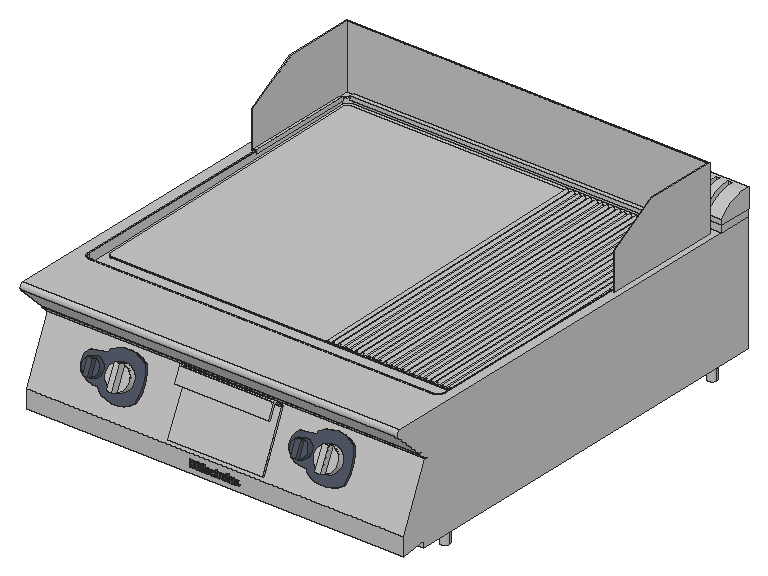
Revit family "QF_ELECTROLUXPROFESSIONAL_391587_E9IIETAOMEI", category Attrezzature speciali, Revit 2018
Family settings
  Quota connettore circolare = Usa diametro
  Tipo di parte = Normale
  Basato su piano di lavoro = No
  Sempre verticale = Sì
  Taglio con vuoti quando caricato = No
  Condiviso = No
  Punto di calcolo locali = No
Parameters (values of type "Standard")
  Weight = 105.00 kg
  Watts = 0 W
  Volts = 0 V
  URL Manufacturer = "https://www.electroluxprofessional.com/"
  URL = "https://www.electroluxprofessional.com/"
  Steam Supply Size = 0"
  Steam Supply Minimum Pressure = 0.00 psi
  Steam Supply Maximum Pressure = 0.00 psi
  Steam Consumption per Hour = 0
  Show Logo [instance] = yes
  Show Clearance [instance] = yes
  Refrigeration Suction Line Size = 0 mm
  Refrigeration Liquid Line Size = 0 mm
  Refrigerant Compressor Remote = yes
  Phase = 0
  Modello = "E9IIETAOMEI"
  Produttore = "Electrolux Professional"
  Length Actual = 800 mm  # constant formula
  Item Number = "391587"
  Hot Water Size = 0"
  Height Actual = 250 mm  # constant formula
  HP = "0 HP"
  Gas Size = 1/2"
  Gas KW = 20
  Gas Input Pressure = 0.672036 Btu/h
  Direct Waste Size = 0"
  Descrizione = "GAS FRYTOP POLISHED CHROME SMOOTH+RIBBED SLOPED 800MM - QMARK"
  Depth Actual = 930 mm  # constant formula
  Cycle = 0 Hz
  Condensate Return Size = 0"
  Compressed Air Volume = 0 GPM
  Compressed Air Size = 0"
  Compressed Air Pressure = 0.00 psi
  Cold Water Size = 0"
  Accessory = yes
Values of the unnamed type that differ from the named types
  Weight = 0.00 kg
  URL Manufacturer = ""
  Item Number = ""
  HP = ""
  Gas KW = 0
  Gas Input Pressure = 0.0 Btu/h
Reference planes
  plane 1 "BACK": y = 0
  plane 2: z = 0
  plane 3 "LEFT": x = 0
  plane 4 "RIGHT": x = 800
  plane 5 "FRONT": y = -930
  plane 6 "TOP": z = 275
  plane 7 "Center Y": x = 400
  plane 8 "Center X": y = -465
  plane 9: y = -1045
  plane 10: z = 24
  plane 11: z = 290
  plane 12: x = 748
  plane 13: z = 410
  plane 14: x = 11
  plane 15: x = 788.888
Forms (mm)
  Extrusion 1, solid, material "QF_Finishes_Stainless Steel"
    sketch origin (0, 0, 0) x (0, 1, 0) y (0, 0, 1)
      loop
        line (0, 275) -> (-922.686, 275)
        arc (-922.686, 275) -> (-929.443, 270.485) -> (-927.858, 262.514) r 7.314
        line (-927.858, 262.514) -> (-873.907, 208.563) -> (-865.773, 208.563) -> (-865.773, 206.447) -> (-871.79, 206.447) -> (-858.907, 193.563) -> (-850.773, 193.563) -> (-850.773, 191.447) -> (-856.79, 191.447) -> (-913.146, 69.003) -> (-913.146, 30.903) -> (-859.774, 36.513) -> (-859.774, 24) -> (0, 24) -> (0, 275)
    from 0 to 800
  Extrusion 2, solid, material "QF_Finishes_Stainless Steel"
    sketch origin (0, 0, 0) x (1, 0, 0) y (0, 1, 0)
      loop
        circle (11, -82) r 9.525
      loop
        circle (11, -790) r 9.525
      loop
        circle (789, -82) r 9.525
      loop
        circle (789, -790) r 9.525
    from 0 to 24
  Extrusion 3, solid, material "QF_Finishes_Stainless Steel"
    sketch origin (0, 0, 0.362) x (0, 1, 0) y (0, 0, 1)
      loop
        line (0, 289.638) -> (0, 331.738)
        arc (0, 331.738) -> (-38.857, 324.552) -> (-69.85, 300.038) r 82.056
        line (-69.85, 300.038) -> (-69.85, 289.638) -> (0, 289.638)
    from 0 to 400.05
  Extrusion 4, void
    sketch origin (0, 0, 275) x (0, -1, 0) y (1, 0, 0)
      loop
        line (6.761, 29.703) -> (63.911, 29.703) -> (63.911, 38.999) -> (6.761, 38.999) -> (6.761, 29.703)
      loop
        line (63.911, 64.487) -> (6.761, 64.487) -> (6.761, 55.191) -> (63.911, 55.191) -> (63.911, 64.487)
      loop
        line (63.911, 89.975) -> (6.761, 89.975) -> (6.761, 80.68) -> (63.911, 80.68) -> (63.911, 89.975)
      loop
        line (63.911, 115.464) -> (6.761, 115.464) -> (6.761, 106.168) -> (63.911, 106.168) -> (63.911, 115.464)
      loop
        line (63.911, 140.952) -> (6.761, 140.952) -> (6.761, 131.656) -> (63.911, 131.656) -> (63.911, 140.952)
      loop
        line (63.911, 166.44) -> (6.761, 166.44) -> (6.761, 157.145) -> (63.911, 157.145) -> (63.911, 166.44)
      loop
        line (63.911, 191.929) -> (6.761, 191.929) -> (6.761, 182.633) -> (63.911, 182.633) -> (63.911, 191.929)
      loop
        line (63.911, 217.417) -> (6.761, 217.417) -> (6.761, 208.121) -> (63.911, 208.121) -> (63.911, 217.417)
      loop
        line (63.911, 242.905) -> (6.761, 242.905) -> (6.761, 233.61) -> (63.911, 233.61) -> (63.911, 242.905)
      loop
        line (63.911, 268.394) -> (6.761, 268.394) -> (6.761, 259.098) -> (63.911, 259.098) -> (63.911, 268.394)
      loop
        line (63.911, 293.882) -> (6.761, 293.882) -> (6.761, 284.586) -> (63.911, 284.586) -> (63.911, 293.882)
      loop
        line (63.911, 319.37) -> (6.761, 319.37) -> (6.761, 310.075) -> (63.911, 310.075) -> (63.911, 319.37)
      loop
        line (63.911, 344.859) -> (6.761, 344.859) -> (6.761, 335.563) -> (63.911, 335.563) -> (63.911, 344.859)
      loop
        line (63.911, 370.347) -> (6.761, 370.347) -> (6.761, 361.051) -> (63.911, 361.051) -> (63.911, 370.347)
    from 25.4 to 63.5
  Extrusion 5, solid, material "QF_Finishes_Stainless Steel"
    sketch origin (400.05, 0, 0.362) x (0, 1, 0) y (0, 0, 1)
      loop
        line (0, 289.638) -> (0, 331.738)
        arc (0, 331.738) -> (-38.857, 324.552) -> (-69.85, 300.038) r 82.056
        line (-69.85, 300.038) -> (-69.85, 289.638) -> (0, 289.638)
    from 0 to 400.05
  Extrusion 6, void
    sketch origin (400.05, 0, 275) x (0, -1, 0) y (1, 0, 0)
      loop
        line (6.761, 29.703) -> (63.911, 29.703) -> (63.911, 38.999) -> (6.761, 38.999) -> (6.761, 29.703)
      loop
        line (63.911, 64.487) -> (6.761, 64.487) -> (6.761, 55.191) -> (63.911, 55.191) -> (63.911, 64.487)
      loop
        line (63.911, 89.975) -> (6.761, 89.975) -> (6.761, 80.68) -> (63.911, 80.68) -> (63.911, 89.975)
      loop
        line (63.911, 115.464) -> (6.761, 115.464) -> (6.761, 106.168) -> (63.911, 106.168) -> (63.911, 115.464)
      loop
        line (63.911, 140.952) -> (6.761, 140.952) -> (6.761, 131.656) -> (63.911, 131.656) -> (63.911, 140.952)
      loop
        line (63.911, 166.44) -> (6.761, 166.44) -> (6.761, 157.145) -> (63.911, 157.145) -> (63.911, 166.44)
      loop
        line (63.911, 191.929) -> (6.761, 191.929) -> (6.761, 182.633) -> (63.911, 182.633) -> (63.911, 191.929)
      loop
        line (63.911, 217.417) -> (6.761, 217.417) -> (6.761, 208.121) -> (63.911, 208.121) -> (63.911, 217.417)
      loop
        line (63.911, 242.905) -> (6.761, 242.905) -> (6.761, 233.61) -> (63.911, 233.61) -> (63.911, 242.905)
      loop
        line (63.911, 268.394) -> (6.761, 268.394) -> (6.761, 259.098) -> (63.911, 259.098) -> (63.911, 268.394)
      loop
        line (63.911, 293.882) -> (6.761, 293.882) -> (6.761, 284.586) -> (63.911, 284.586) -> (63.911, 293.882)
      loop
        line (63.911, 319.37) -> (6.761, 319.37) -> (6.761, 310.075) -> (63.911, 310.075) -> (63.911, 319.37)
      loop
        line (63.911, 344.859) -> (6.761, 344.859) -> (6.761, 335.563) -> (63.911, 335.563) -> (63.911, 344.859)
      loop
        line (63.911, 370.347) -> (6.761, 370.347) -> (6.761, 361.051) -> (63.911, 361.051) -> (63.911, 370.347)
    from 25.4 to 63.5
  Extrusion 7, solid, material "QF_Finishes_Stainless Steel"
    sketch origin (0, 0, 275) x (0, -1, 0) y (1, 0, 0)
      loop
        line (69.85, 0) -> (69.85, 800) -> (0, 800) -> (0, 0) -> (69.85, 0)
    from 0 to 15
  Extrusion 8, solid, material "QF_Finishes_Stainless Steel"
    sketch origin (400.05, -23.977, 1219.2) x (0, 1, 0) y (0, 0, 1)
      loop
        line (-834.228, -1030.828) -> (-850.635, -1014.422)
        arc (-850.635, -1014.422) -> (-855.102, -1013.019) -> (-858.806, -1015.884) r 5.058
        line (-858.806, -1015.884) -> (-871.468, -1043.394) -> (-868.584, -1044.721) -> (-855.922, -1017.211)
        arc (-855.922, -1017.211) -> (-854.543, -1016.145) -> (-852.88, -1016.667) r 1.883
        line (-852.88, -1016.667) -> (-838.037, -1031.51) -> (-888.871, -1141.955) -> (-885.987, -1143.282) -> (-834.228, -1030.828)
    from 100 to -100
  Extrusion 9, solid, material "QF_Door-Drawer Clearances", visible <- "Show Clearance", detail levels coarse
    sketch origin (293.7, -300.974, 0) x (0, 1, 0) y (0, 0, 1)
      loop
        line (-723.739, 174.479) -> (-711.077, 201.989)
        arc (-711.077, 201.989) -> (-709.698, 203.055) -> (-708.035, 202.533) r 1.883
        line (-708.035, 202.533) -> (-693.192, 187.69) -> (-744.026, 77.245) -> (-741.142, 75.918) -> (-608.989, 75.918) -> (-557.231, 188.372) -> (-573.638, 204.778)
        arc (-573.638, 204.778) -> (-574.873, 205.685) -> (-576.323, 206.181) r 5.058
        line (-576.323, 206.181) -> (-710.257, 206.181)
        arc (-710.257, 206.181) -> (-712.461, 205.203) -> (-713.961, 203.316) r 5.058
        line (-713.961, 203.316) -> (-726.623, 175.806) -> (-723.739, 174.479)
    from 6.35 to 206.35
  Extrusion 10, solid, material "QF_Finishes_Stainless Steel"
    sketch origin (0, 0, 0) x (0, 1, 0) y (0, 0, 1)
      loop
        line (-83.39, 410) -> (-235.39, 410) -> (-335.39, 352.265) -> (-335.39, 275) -> (-83.39, 275) -> (-83.39, 410)
    from 15.442 to 17.03
  Extrusion 11, solid, material "QF_Finishes_Stainless Steel"
    sketch origin (800, 0, 0) x (0, -1, 0) y (0, 0, 1)
      loop
        line (83.39, 410) -> (83.39, 275) -> (335.39, 275) -> (335.39, 352.265) -> (235.39, 410) -> (83.39, 410)
    from 15.442 to 17.03
  Extrusion 12, solid, material "QF_Finishes_Stainless Steel"
    sketch origin (635, 190.152, 275) x (0, -1, 0) y (1, 0, 0)
      loop
        line (273.542, 147.97) -> (273.542, -617.97) -> (275.13, -617.97) -> (275.13, 147.97) -> (273.542, 147.97)
    from 0 to 135
  Extrusion 13, void
    sketch origin (0, 0, 275) x (0, -1, 0) y (1, 0, 0)
      loop
        arc (92.539, 37.03) -> (96.932, 26.423) -> (107.539, 22.03) r 15
        line (107.539, 22.03) -> (777.539, 22.03)
        arc (777.539, 22.03) -> (788.145, 26.423) -> (792.539, 37.03) r 15
        line (792.539, 37.03) -> (792.539, 762.97)
        arc (792.539, 762.97) -> (788.145, 773.577) -> (777.539, 777.97) r 15
        line (777.539, 777.97) -> (107.539, 777.97)
        arc (107.539, 777.97) -> (96.932, 773.577) -> (92.539, 762.97) r 15
        line (92.539, 762.97) -> (92.539, 37.03)
    from 0 to -21.588
  Sweep 14, solid, material "QF_Finishes_Stainless Steel"
    path origin (0, 0, 0) x (1, 0, 0) y (0, 1, 0)
      loop
        line (22.03, -107.539) -> (22.03, -777.539)
        arc (22.03, -777.539) -> (26.423, -788.145) -> (37.03, -792.539) r 15
        line (37.03, -792.539) -> (762.97, -792.539)
        arc (762.97, -792.539) -> (773.577, -788.145) -> (777.97, -777.539) r 15
        line (777.97, -777.539) -> (777.97, -107.539)
        arc (777.97, -107.539) -> (773.577, -96.932) -> (762.97, -92.539) r 15
        line (762.97, -92.539) -> (37.03, -92.539)
        arc (37.03, -92.539) -> (26.423, -96.932) -> (22.03, -107.539) r 15
    profile origin (22.03, -442.539, 0) x (1, 0, 0) y (0, 0, 1)
      loop
        line (0, 255) -> (1.588, 255) -> (1.588, 272.855)
        arc (1.588, 272.855) -> (1.147, 274.189) -> (0, 275) r 2.242
        line (0, 275) -> (0, 255)
  Extrusion 15, solid, material "QF_Finishes_Stainless Steel"
    sketch origin (1234.536, -1877.601, 240.53) x (0, 0.999911, 0.013315) y (-1, 0, 0)
      loop
        line (1137.444, 1192.506) -> (1137.444, 476.566)
        spline (1137.444, 476.566) -> (1137.529, 475.26) -> (1137.784, 473.977) -> (1138.205, 472.739) -> (1138.783, 471.566) -> (1139.51, 470.478) -> (1140.372, 469.494) -> (1141.356, 468.632) -> (1142.443, 467.905) -> (1143.616, 467.327) -> (1144.855, 466.906) -> (1146.138, 466.651) -> (1147.443, 466.566)
        line (1147.443, 466.566) -> (1761.703, 466.566)
        spline (1761.703, 466.566) -> (1763.009, 466.651) -> (1764.291, 466.906) -> (1765.53, 467.327) -> (1766.703, 467.905) -> (1767.79, 468.632) -> (1768.774, 469.494) -> (1769.636, 470.478) -> (1770.363, 471.566) -> (1770.941, 472.739) -> (1771.362, 473.977) -> (1771.617, 475.26) -> (1771.702, 476.566)
        line (1771.702, 476.566) -> (1771.702, 1192.506)
        spline (1771.702, 1192.506) -> (1771.617, 1193.812) -> (1771.362, 1195.095) -> (1770.941, 1196.333) -> (1770.363, 1197.506) -> (1769.636, 1198.594) -> (1768.774, 1199.578) -> (1767.79, 1200.44) -> (1766.703, 1201.167) -> (1765.53, 1201.745) -> (1764.291, 1202.166) -> (1763.009, 1202.421) -> (1761.703, 1202.506)
        line (1761.703, 1202.506) -> (1147.443, 1202.506)
        spline (1147.443, 1202.506) -> (1146.138, 1202.421) -> (1144.855, 1202.166) -> (1143.616, 1201.745) -> (1142.443, 1201.167) -> (1141.356, 1200.44) -> (1140.372, 1199.578) -> (1139.51, 1198.594) -> (1138.783, 1197.506) -> (1138.205, 1196.333) -> (1137.784, 1195.095) -> (1137.529, 1193.812) -> (1137.444, 1192.506)
    from 1.6 to 0
  Extrusion 16, solid, material "QF_Finishes_Stainless Steel"
    sketch origin (0, 0, 0) x (1, 0, 0) y (0, 0, 1)
      loop
        line (17.03, 275.856) -> (23.926, 275.856) -> (23.926, 270.856) -> (25.514, 270.856) -> (25.514, 277.444) -> (17.03, 277.444) -> (17.03, 275.856)
      loop
        line (782.97, 275.856) -> (782.97, 277.444) -> (774.486, 277.444) -> (774.486, 270.856) -> (776.074, 270.856) -> (776.074, 275.856) -> (782.97, 275.856)
    from 105.541 to 335.39
  Extrusion 17, solid, material "QF_Finishes_Stainless Steel"
    sketch origin (0, 0, 0) x (0, 1, 0) y (0, 0, 1)
      loop
        line (-94.126, 270.856) -> (-94.126, 275.856) -> (-84.978, 275.856) -> (-84.978, 277.444) -> (-95.714, 277.444) -> (-95.714, 270.856) -> (-94.126, 270.856)
    from 32.03 to 767.97
  Extrusion 18, solid, material "QF_Finishes_Stainless Steel"
    sketch origin (0, -101.6, 24) x (-1, 0, 0) y (0, 1, 0)
      loop
        circle (-748, -562.4) r 6.35
    from 0 to 17
  Extrusion 19, solid, material "QF_Finishes_Navy Blue", visible <- "Show Logo"
    sketch origin (0, -913.146, 30.903) x (0, 0, 1) y (-1, 0, 0)
      loop
        line (25.436, -355.199) -> (13.07, -355.199)
        arc (13.07, -355.199) -> (19.253, -359.77) -> (25.436, -355.199) r 6.467
      loop
        arc (25.436, -354.57) -> (24.267, -349.427) -> (19.612, -346.949) r 6.338
        line (19.612, -346.949) -> (19.612, -348.995)
        arc (19.612, -348.995) -> (21.095, -352.65) -> (24.541, -354.57) r 5.941
        line (24.541, -354.57) -> (25.436, -354.57)
      loop
        arc (13.965, -354.57) -> (17.411, -352.65) -> (18.895, -348.995) r 5.941
        line (18.895, -348.995) -> (18.895, -346.949)
        arc (18.895, -346.949) -> (14.2, -349.423) -> (12.911, -354.57) r 6.504
        line (12.911, -354.57) -> (13.965, -354.57)
      loop
        line (26.111, -346.48) -> (12.367, -346.48) -> (12.367, -360.243) -> (26.111, -360.243) -> (26.111, -346.48)
      loop
        arc (26.195, -363.21) -> (25.847, -362.853) -> (25.48, -363.191) r 0.358
        arc (25.48, -363.191) -> (25.166, -363.941) -> (24.449, -364.326) r 1.216
        line (24.449, -364.326) -> (14.037, -364.326)
        arc (14.037, -364.326) -> (13.377, -364.048) -> (12.981, -363.452) r 1.238
        arc (12.981, -363.452) -> (12.586, -363.201) -> (12.28, -363.555) r 0.358
        line (12.28, -363.555) -> (12.28, -373.434) -> (15.031, -373.434) -> (15.031, -372.537)
        arc (15.031, -372.537) -> (14.122, -371.957) -> (13.667, -370.98) r 1.928
        line (13.667, -370.98) -> (13.667, -368.481)
        arc (13.667, -368.481) -> (13.942, -367.752) -> (14.631, -367.388) r 1.101
        line (14.631, -367.388) -> (18.717, -367.388) -> (18.717, -371.061)
        arc (18.717, -371.061) -> (18.365, -371.558) -> (17.799, -371.786) r 1.083
        arc (17.799, -371.786) -> (17.536, -372.092) -> (17.828, -372.37) r 0.292
        line (17.828, -372.37) -> (20.79, -372.37)
        arc (20.79, -372.37) -> (21.093, -372.097) -> (20.854, -371.767) r 0.305
        arc (20.854, -371.767) -> (20.364, -371.519) -> (20.059, -371.061) r 1.083
        line (20.059, -371.061) -> (20.059, -367.388) -> (24.736, -367.388) -> (24.736, -371.135)
        arc (24.736, -371.135) -> (24.522, -371.891) -> (23.915, -372.389) r 1.314
        arc (23.915, -372.389) -> (23.696, -372.793) -> (24.051, -373.085) r 0.361
        line (24.051, -373.085) -> (26.195, -373.085) -> (26.195, -363.21)
      loop
        arc (25.478, -373.866) -> (25.097, -374.785) -> (24.179, -375.165) r 1.299
        line (24.179, -375.165) -> (14.6, -375.165)
        arc (14.6, -375.165) -> (13.762, -374.787) -> (13.49, -373.909) r 1.118
        line (13.49, -373.909) -> (12.28, -373.909) -> (12.28, -379.259) -> (13.469, -379.259)
        arc (13.469, -379.259) -> (13.74, -378.342) -> (14.61, -377.946) r 1.153
        line (14.61, -377.946) -> (26.683, -377.946) -> (25.478, -373.866)
      loop
        line (17.245, -381.895) -> (17.245, -388.342) -> (18.044, -388.342)
        arc (18.044, -388.342) -> (20.625, -387.358) -> (21.893, -384.904) r 3.874
        line (21.893, -384.904) -> (21.893, -383.144)
        arc (21.893, -383.144) -> (20.707, -380.279) -> (17.842, -379.093) r 4.051
        line (17.842, -379.093) -> (15.834, -379.093)
        arc (15.834, -379.093) -> (13.016, -380.578) -> (11.964, -383.585) r 4.352
        arc (11.964, -383.585) -> (12.328, -386.048) -> (13.706, -388.122) r 5.713
        line (13.706, -388.122) -> (14.655, -388.122)
        arc (14.655, -388.122) -> (13.922, -386.553) -> (13.706, -384.835) r 5.579
        arc (13.706, -384.835) -> (14.5, -382.872) -> (16.379, -381.895) r 3.057
        line (16.379, -381.895) -> (17.245, -381.895)
      loop
        line (18.504, -381.895) -> (18.504, -385.477)
        arc (18.504, -385.477) -> (19.961, -385.524) -> (20.844, -384.365) r 1.59
        line (20.844, -384.365) -> (20.844, -383.535)
        arc (20.844, -383.535) -> (19.98, -382.28) -> (18.504, -381.895) r 2.184
      loop
        arc (21.295, -397.76) -> (21.784, -396.086) -> (21.942, -394.349) r 9.023
        line (21.942, -394.349) -> (21.942, -392.987)
        arc (21.942, -392.987) -> (20.782, -390.187) -> (17.983, -389.027) r 3.959
        line (17.983, -389.027) -> (15.382, -389.027)
        arc (15.382, -389.027) -> (13.101, -390.32) -> (11.983, -392.693) r 4.331
        line (11.983, -392.693) -> (11.983, -394.828)
        arc (11.983, -394.828) -> (12.492, -396.378) -> (13.413, -397.724) r 5.772
        arc (13.413, -397.724) -> (14.175, -397.775) -> (14.261, -397.016) r 0.553
        arc (14.261, -397.016) -> (13.874, -396.282) -> (13.74, -395.463) r 2.573
        line (13.74, -395.463) -> (13.74, -393.948)
        arc (13.74, -393.948) -> (14.746, -392.306) -> (16.56, -391.664) r 2.884
        line (16.56, -391.664) -> (17.839, -391.664)
        arc (17.839, -391.664) -> (19.66, -392.224) -> (20.587, -393.889) r 2.554
        line (20.587, -393.889) -> (20.587, -394.942)
        arc (20.587, -394.942) -> (20.255, -395.87) -> (19.598, -396.605) r 2.564
        arc (19.598, -396.605) -> (19.377, -397.322) -> (19.986, -397.76) r 0.643
        line (19.986, -397.76) -> (21.295, -397.76)
      loop
        line (20.277, -398.03) -> (20.277, -399.531) -> (14.229, -399.531)
        arc (14.229, -399.531) -> (12.641, -400.189) -> (11.983, -401.777) r 2.246
        line (11.983, -401.777) -> (11.983, -403.361)
        arc (11.983, -403.361) -> (12.297, -404.225) -> (12.798, -404.997) r 4.06
        arc (12.798, -404.997) -> (13.53, -405.13) -> (13.782, -404.429) r 0.576
        arc (13.782, -404.429) -> (13.676, -403.903) -> (13.74, -403.371) r 1.69
        arc (13.74, -403.371) -> (14.281, -402.583) -> (15.188, -402.28) r 1.506
        line (15.188, -402.28) -> (20.326, -402.28) -> (20.326, -404.677) -> (20.882, -405.233) -> (21.704, -405.233) -> (21.704, -402.374) -> (24.935, -402.374) -> (20.277, -398.03)
      loop
        line (12.201, -406.131) -> (12.201, -411.518) -> (13.311, -411.518)
        arc (13.311, -411.518) -> (13.705, -410.567) -> (14.656, -410.173) r 1.345
        line (14.656, -410.173) -> (18.272, -410.173)
        arc (18.272, -410.173) -> (19.037, -410.765) -> (19.326, -411.687) r 1.615
        line (19.326, -411.687) -> (19.326, -413.243) -> (21.882, -413.928) -> (21.882, -412.545) -> (19.939, -409.986) -> (21.82, -409.986) -> (21.535, -407.28)
        arc (21.535, -407.28) -> (21.096, -406.75) -> (20.437, -406.951) r 0.621
        arc (20.437, -406.951) -> (20.036, -407.293) -> (19.542, -407.476) r 1.501
        line (19.542, -407.476) -> (14.656, -407.476)
        arc (14.656, -407.476) -> (13.705, -407.082) -> (13.311, -406.131) r 1.345
        line (13.311, -406.131) -> (12.201, -406.131)
      loop
        line (18.303, -413.465) -> (15.61, -413.465)
        arc (15.61, -413.465) -> (13.165, -414.773) -> (12.031, -417.303) r 4.288
        arc (12.031, -417.303) -> (11.968, -418.684) -> (12.031, -420.064) r 15.022
        arc (12.031, -420.064) -> (13.165, -422.595) -> (15.61, -423.902) r 4.288
        line (15.61, -423.902) -> (18.303, -423.902)
        arc (18.303, -423.902) -> (20.748, -422.595) -> (21.882, -420.064) r 4.288
        arc (21.882, -420.064) -> (21.946, -418.684) -> (21.882, -417.303) r 15.022
        arc (21.882, -417.303) -> (20.748, -414.773) -> (18.303, -413.465) r 4.288
      loop
        line (18.507, -416.579) -> (15.406, -416.579)
        arc (15.406, -416.579) -> (13.249, -418.736) -> (15.406, -420.893) r 2.157
        line (15.406, -420.893) -> (18.507, -420.893)
        arc (18.507, -420.893) -> (20.664, -418.736) -> (18.507, -416.579) r 2.157
      loop
        arc (25.488, -423.76) -> (25.118, -424.654) -> (24.224, -425.025) r 1.264
        line (24.224, -425.025) -> (14.359, -425.025)
        arc (14.359, -425.025) -> (13.489, -424.628) -> (13.218, -423.712) r 1.153
        line (13.218, -423.712) -> (12.28, -423.712) -> (12.28, -428.82) -> (13.209, -428.82)
        arc (13.209, -428.82) -> (13.568, -428.048) -> (14.359, -427.733) r 1.153
        line (14.359, -427.733) -> (26.683, -427.733) -> (25.488, -423.76)
      loop
        arc (20.608, -428.357) -> (20.409, -429.422) -> (19.44, -429.904) r 1.215
        line (19.44, -429.904) -> (14.42, -429.904)
        arc (14.42, -429.904) -> (12.806, -430.551) -> (12.085, -432.134) r 2.338
        line (12.085, -432.134) -> (12.085, -433.649)
        arc (12.085, -433.649) -> (12.259, -434.653) -> (12.762, -435.539) r 2.979
        line (12.762, -435.539) -> (12.28, -437.336) -> (12.28, -439.024) -> (21.706, -439.024) -> (21.412, -434.821) -> (20.625, -434.821)
        arc (20.625, -434.821) -> (20.27, -435.657) -> (19.517, -436.166) r 1.605
        line (19.517, -436.166) -> (14.415, -436.166)
        arc (14.415, -436.166) -> (13.994, -435.229) -> (13.922, -434.205) r 2.94
        arc (13.922, -434.205) -> (14.482, -433.104) -> (15.636, -432.661) r 1.724
        line (15.636, -432.661) -> (21.832, -432.661) -> (20.608, -428.357)
      loop
        line (21.637, -439.878) -> (19.964, -441.924) -> (16.791, -444.23) -> (13.334, -441.118)
        arc (13.334, -441.118) -> (13.097, -440.724) -> (13.119, -440.265) r 0.789
        line (13.119, -440.265) -> (12.28, -440.265) -> (12.28, -443.81) -> (13.107, -443.81)
        arc (13.107, -443.81) -> (13.449, -443.448) -> (13.939, -443.54) r 0.52
        line (13.939, -443.54) -> (15.739, -445.011) -> (13.62, -446.386)
        arc (13.62, -446.386) -> (13.219, -446.076) -> (13.133, -445.577) r 0.7
        line (13.133, -445.577) -> (12.28, -445.577) -> (12.28, -451.504) -> (13.167, -451.504)
        arc (13.167, -451.504) -> (13.234, -450.845) -> (13.629, -450.314) r 1.247
        line (13.629, -450.314) -> (17.828, -447.033) -> (20.276, -449.086) -> (21.637, -450.828) -> (21.637, -447.104) -> (20.152, -447.527) -> (18.63, -446.25) -> (20.33, -445.06) -> (21.637, -445.836) -> (21.637, -439.878)
    from 0 to 1.644
  Extrusion 20, solid, material "QF_Finishes_Navy Blue"
    sketch origin (81.285, -908.962, 78.095) x (0, 0.418102, 0.9084) y (-1, 0, 0)
      loop
        arc (104.355, -502.587) -> (101.326, -501.258) -> (98.25, -500.039) r 91.066
        arc (98.25, -500.039) -> (96.592, -482.449) -> (93.213, -465.107) r 179.528
        arc (93.213, -465.107) -> (69.244, -452.795) -> (45.274, -465.107) r 29.489
        arc (45.274, -465.107) -> (38.909, -481.441) -> (37.449, -498.912) r 61.044
        arc (37.449, -498.912) -> (34.471, -499.962) -> (31.532, -501.116) r 91.066
        arc (31.532, -501.116) -> (19.517, -540.223) -> (32.929, -578.873) r 65.817
        arc (32.929, -578.873) -> (68.105, -585.173) -> (102.996, -577.452) r 91.066
        arc (102.996, -577.452) -> (115.418, -540.233) -> (104.355, -502.587) r 65.546
    from 0 to 3.175
  Extrusion 21, solid, material "QF_Finishes_Stainless Steel"
    sketch origin (460.035, -912.675, 77.62) x (0, 0.418102, 0.9084) y (-1, 0, 0)
      loop
        circle (68.826, -160.963) r 25.4
    from 0 to 12.7
  Extrusion 22, solid, material "QF_Finishes_Stainless Steel"
    sketch origin (460.035, -924.212, 82.93) x (0, 0.418102, 0.9084) y (-1, 0, 0)
      loop
        arc (93.558, -166.749) -> (94.226, -160.963) -> (93.558, -155.177) r 25.4
        line (93.558, -155.177) -> (44.094, -155.177)
        arc (44.094, -155.177) -> (43.426, -160.963) -> (44.094, -166.749) r 25.4
        line (44.094, -166.749) -> (93.558, -166.749)
    from 0 to 12.7
  Extrusion 23, solid, material "QF_Finishes_Navy Blue"
    sketch origin (402.535, -912.675, 77.62) x (0, 0.418102, 0.9084) y (-1, 0, 0)
      loop
        circle (68.826, -160.963) r 18.37
    from 0 to 12.7
  Extrusion 24, solid, material "QF_Finishes_Navy Blue"
    sketch origin (401.244, -924.212, 82.93) x (0, 0.418102, 0.9084) y (-1, 0, 0)
      loop
        arc (84.808, -167.687) -> (85.476, -161.901) -> (84.808, -156.114) r 25.4
        line (84.808, -156.114) -> (52.844, -156.114)
        arc (52.844, -156.114) -> (52.176, -161.901) -> (52.844, -167.687) r 25.4
        line (52.844, -167.687) -> (84.808, -167.687)
    from 0 to 8.112
  Extrusion 25, solid, material "QF_Finishes_Navy Blue"
    sketch origin (-360.711, -908.962, 78.095) x (0, 0.418102, 0.9084) y (-1, 0, 0)
      loop
        arc (104.355, -502.587) -> (101.326, -501.258) -> (98.25, -500.039) r 91.066
        arc (98.25, -500.039) -> (96.592, -482.449) -> (93.213, -465.107) r 179.528
        arc (93.213, -465.107) -> (69.244, -452.795) -> (45.274, -465.107) r 29.489
        arc (45.274, -465.107) -> (38.909, -481.441) -> (37.449, -498.912) r 61.044
        arc (37.449, -498.912) -> (34.471, -499.962) -> (31.532, -501.116) r 91.066
        arc (31.532, -501.116) -> (19.517, -540.223) -> (32.929, -578.873) r 65.817
        arc (32.929, -578.873) -> (68.105, -585.173) -> (102.996, -577.452) r 91.066
        arc (102.996, -577.452) -> (115.418, -540.233) -> (104.355, -502.587) r 65.546
    from 0 to 3.175
  Extrusion 26, solid, material "QF_Finishes_Stainless Steel"
    sketch origin (18.039, -912.675, 77.62) x (0, 0.418102, 0.9084) y (-1, 0, 0)
      loop
        circle (68.826, -160.963) r 25.4
    from 0 to 12.7
  Extrusion 27, solid, material "QF_Finishes_Stainless Steel"
    sketch origin (18.039, -924.212, 82.93) x (0, 0.418102, 0.9084) y (-1, 0, 0)
      loop
        arc (93.558, -166.749) -> (94.226, -160.963) -> (93.558, -155.177) r 25.4
        line (93.558, -155.177) -> (44.094, -155.177)
        arc (44.094, -155.177) -> (43.426, -160.963) -> (44.094, -166.749) r 25.4
        line (44.094, -166.749) -> (93.558, -166.749)
    from 0 to 12.7
  Extrusion 28, solid, material "QF_Finishes_Navy Blue"
    sketch origin (-39.461, -912.675, 77.62) x (0, 0.418102, 0.9084) y (-1, 0, 0)
      loop
        circle (68.826, -160.963) r 18.37
    from 0 to 12.7
  Extrusion 29, solid, material "QF_Finishes_Navy Blue"
    sketch origin (-40.752, -924.212, 82.93) x (0, 0.418102, 0.9084) y (-1, 0, 0)
      loop
        arc (84.808, -167.687) -> (85.476, -161.901) -> (84.808, -156.114) r 25.4
        line (84.808, -156.114) -> (52.844, -156.114)
        arc (52.844, -156.114) -> (52.176, -161.901) -> (52.844, -167.687) r 25.4
        line (52.844, -167.687) -> (84.808, -167.687)
    from 0 to 8.112
  Extrusion 30, solid, material "QF_Clearances", visible <- "Show Clearance", detail levels coarse
    sketch origin (0, 0, 0) x (1, 0, 0) y (0, 1, 0)
      loop
        line (0, 0) -> (800, 0) -> (800, -930) -> (900, -930) -> (900, 100) -> (-100, 100) -> (-100, -930) -> (0, -930) -> (0, 0)
    from 0 to 410
  Extrusion 31, solid, material "QF_Finishes_Stainless Steel"
    sketch origin (0, 0, 0) x (0, 1, 0) y (0, 0, 1)
      loop
        line (-792.539, 254.979) -> (-792.539, 253.413) -> (-92.539, 253.413) -> (-92.539, 264.3) -> (-792.539, 254.979)
    from 22.03 to 777.97
  Sweep 32, solid, material "QF_Finishes_Stainless Steel"
    path origin (0, 0, 0) x (0, 1, 0) y (0, 0, 1)
      loop
        line (-106.077, 265.72) -> (-738.692, 257.296)
    profile origin (0, -422.385, 261.508) x (0, 0.013315, -0.999911) y (1, 0, 0)
      loop
        line (0, 759.22) -> (-3.736, 755.344) -> (0, 751.467) -> (0, 759.22)
      loop
        line (0, 747.086) -> (-3.736, 743.209) -> (0, 739.332) -> (0, 747.086)
      loop
        line (0, 734.951) -> (-3.736, 731.075) -> (0, 727.198) -> (0, 734.951)
      loop
        line (0, 722.817) -> (-3.736, 718.94) -> (0, 715.063) -> (0, 722.817)
      loop
        line (0, 710.682) -> (-3.736, 706.806) -> (0, 702.929) -> (0, 710.682)
      loop
        line (0, 698.548) -> (-3.736, 694.671) -> (0, 690.794) -> (0, 698.548)
      loop
        line (0, 686.413) -> (-3.736, 682.537) -> (0, 678.66) -> (0, 686.413)
      loop
        line (0, 674.279) -> (-3.736, 670.402) -> (0, 666.525) -> (0, 674.279)
      loop
        line (0, 662.144) -> (-3.736, 658.268) -> (0, 654.391) -> (0, 662.144)
      loop
        line (0, 650.01) -> (-3.736, 646.133) -> (0, 642.256) -> (0, 650.01)
      loop
        line (0, 637.875) -> (-3.736, 633.999) -> (0, 630.122) -> (0, 637.875)
      loop
        line (0, 625.741) -> (-3.736, 621.864) -> (0, 617.987) -> (0, 625.741)
      loop
        line (0, 613.606) -> (-3.736, 609.73) -> (0, 605.853) -> (0, 613.606)
      loop
        line (0, 601.472) -> (-3.736, 597.595) -> (0, 593.718) -> (0, 601.472)
      loop
        line (0, 589.337) -> (-3.736, 585.46) -> (0, 581.584) -> (0, 589.337)
      loop
        line (0, 577.203) -> (-3.736, 573.326) -> (0, 569.449) -> (0, 577.203)
      loop
        line (0, 565.068) -> (-3.736, 561.191) -> (0, 557.315) -> (0, 565.068)
      loop
        line (0, 552.934) -> (-3.736, 549.057) -> (0, 545.18) -> (0, 552.934)
      loop
        line (0, 540.799) -> (-3.736, 536.922) -> (0, 533.046) -> (0, 540.799)
      loop
        line (0, 528.665) -> (-3.736, 524.788) -> (0, 520.911) -> (0, 528.665)
      loop
        line (0, 516.53) -> (-3.736, 512.653) -> (0, 508.777) -> (0, 516.53)
      loop
        line (0, 504.396) -> (-3.736, 500.519) -> (0, 496.642) -> (0, 504.396)
  Extrusion 33, void
    sketch origin (0, 0, 0) x (1, 0, 0) y (0, 1, 0)
      loop
        arc (388.196, -763.736) -> (380.696, -771.236) -> (388.196, -778.736) r 7.5
        line (388.196, -778.736) -> (411.804, -778.736)
        arc (411.804, -778.736) -> (419.304, -771.236) -> (411.804, -763.736) r 7.5
        line (411.804, -763.736) -> (388.196, -763.736)
    from 235.859 to 255.827
Cuts and joins
  Extrusion 6 cuts Extrusion 5
  Extrusion 4 cuts Extrusion 3
  joined: Extrusion 10, Extrusion 11, Extrusion 12
  Extrusion 13, Extrusion 33 cuts Extrusion 1
  Extrusion 33 cuts Extrusion 31
Lines and regions (mm)
  symbolic lines, style "QF_Clearances", visible <- "Show Clearance", detail levels coarse
    curve 1: line (900, -930, 0) -> (900, 100, 0)
    curve 2: line (900, 100, 0) -> (-100, 100, 0)
    curve 3: line (-100, 100, 0) -> (-100, -930, 0)
  symbolic lines, style "QF_Door-Drawer Clearances"
    curve 4: line (300.05, -930, 0) -> (300.05, -1045, 0)
    curve 5: line (300.05, -1045, 0) -> (500.05, -1045, 0)
    curve 6: line (500.05, -930, 0) -> (500.05, -1045, 0)
  symbolic lines
    curve 7: line (0, -930, 0) -> (800, -930, 0)
    curve 8: line (800, -930, 0) -> (800, 0, 0)
    curve 9: line (800, 0, 0) -> (0, 0, 0)
    curve 10: line (0, 0, 0) -> (0, -930, 0)
    curve 11: line (762.97, -792.539, 0) -> (37.03, -792.539, 0)
    curve 12: arc (37.03, -792.539, 0) -> (26.423, -788.145, 0) -> (22.03, -777.539, 0) r 15
    curve 13: line (22.03, -777.539, 0) -> (22.03, -335.39, 0)
    curve 14: arc (22.163, -105.541, 0) -> (25.387, -98.081, 0) -> (32.03, -93.397, 0) r 15
    curve 15: arc (767.97, -93.397, 0) -> (774.613, -98.081, 0) -> (777.837, -105.541, 0) r 15
    curve 16: line (777.97, -335.39, 0) -> (777.97, -777.539, 0)
    curve 17: arc (777.97, -777.539, 0) -> (773.577, -788.145, 0) -> (762.97, -792.539, 0) r 15
    curve 18: line (757.97, -738.692, 0) -> (42.03, -738.692, 0)
    curve 19: arc (42.03, -738.692, 0) -> (34.958, -735.763, 0) -> (32.03, -728.692, 0) r 10
    curve 20: line (32.03, -728.692, 0) -> (32.03, -116.077, 0)
    curve 21: arc (32.03, -116.077, 0) -> (34.958, -109.006, 0) -> (42.03, -106.077, 0) r 10
    curve 22: line (42.03, -106.077, 0) -> (757.97, -106.077, 0)
    curve 23: arc (757.97, -106.077, 0) -> (765.042, -109.006, 0) -> (767.97, -116.077, 0) r 10
    curve 24: line (767.97, -116.077, 0) -> (767.97, -728.692, 0)
    curve 25: arc (767.97, -728.692, 0) -> (765.042, -735.763, 0) -> (757.97, -738.692, 0) r 10
    curve 26: line (15.442, -83.39, 0) -> (15.442, -335.39, 0)
    curve 27: line (784.558, -83.39, 0) -> (15.442, -83.39, 0)
    curve 28: line (784.558, -335.39, 0) -> (784.558, -83.39, 0)
    curve 29: line (767.97, -95.714, 0) -> (767.97, -83.39, 0)
    curve 30: line (32.03, -95.714, 0) -> (767.97, -95.714, 0)
    curve 31: line (32.03, -83.39, 0) -> (32.03, -95.714, 0)
    curve 32: line (784.558, -105.541, 0) -> (774.486, -105.541, 0)
    curve 33: line (25.514, -335.39, 0) -> (25.514, -105.541, 0)
    curve 34: line (15.442, -335.39, 0) -> (25.514, -335.39, 0)
    curve 35: line (774.486, -105.541, 0) -> (774.486, -335.39, 0)
    curve 36: line (774.486, -335.39, 0) -> (784.558, -335.39, 0)
    curve 37: line (25.514, -105.541, 0) -> (15.442, -105.541, 0)
    curve 38: line (38.999, -6.761, 0) -> (38.999, -63.911, 0)
    curve 39: line (38.999, -63.911, 0) -> (29.703, -63.911, 0)
    curve 40: line (29.703, -63.911, 0) -> (29.703, -6.761, 0)
    curve 41: line (29.703, -6.761, 0) -> (38.999, -6.761, 0)
    curve 42: line (55.191, -63.911, 0) -> (55.191, -6.761, 0)
    curve 43: line (55.191, -6.761, 0) -> (64.487, -6.761, 0)
    curve 44: line (64.487, -6.761, 0) -> (64.487, -63.911, 0)
    curve 45: line (64.487, -63.911, 0) -> (55.191, -63.911, 0)
    curve 46: line (89.975, -6.761, 0) -> (89.975, -63.911, 0)
    curve 47: line (89.975, -63.911, 0) -> (80.68, -63.911, 0)
    curve 48: line (80.68, -63.911, 0) -> (80.68, -6.761, 0)
    curve 49: line (80.68, -6.761, 0) -> (89.975, -6.761, 0)
    curve 50: line (115.464, -6.761, 0) -> (115.464, -63.911, 0)
    curve 51: line (115.464, -63.911, 0) -> (106.168, -63.911, 0)
    curve 52: line (106.168, -63.911, 0) -> (106.168, -6.761, 0)
    curve 53: line (106.168, -6.761, 0) -> (115.464, -6.761, 0)
    curve 54: line (140.952, -6.761, 0) -> (140.952, -63.911, 0)
    curve 55: line (140.952, -63.911, 0) -> (131.656, -63.911, 0)
    curve 56: line (131.656, -63.911, 0) -> (131.656, -6.761, 0)
    curve 57: line (131.656, -6.761, 0) -> (140.952, -6.761, 0)
    curve 58: line (166.44, -6.761, 0) -> (166.44, -63.911, 0)
    curve 59: line (166.44, -63.911, 0) -> (157.145, -63.911, 0)
    curve 60: line (157.145, -63.911, 0) -> (157.145, -6.761, 0)
    curve 61: line (157.145, -6.761, 0) -> (166.44, -6.761, 0)
    curve 62: line (191.929, -6.761, 0) -> (191.929, -63.911, 0)
    curve 63: line (191.929, -63.911, 0) -> (182.633, -63.911, 0)
    curve 64: line (182.633, -63.911, 0) -> (182.633, -6.761, 0)
    curve 65: line (182.633, -6.761, 0) -> (191.929, -6.761, 0)
    curve 66: line (233.61, -63.911, 0) -> (233.61, -6.761, 0)
    curve 67: line (233.61, -6.761, 0) -> (242.905, -6.761, 0)
    curve 68: line (242.905, -6.761, 0) -> (242.905, -63.911, 0)
    curve 69: line (242.905, -63.911, 0) -> (233.61, -63.911, 0)
    curve 70: line (268.394, -6.761, 0) -> (268.394, -63.911, 0)
    curve 71: line (268.394, -63.911, 0) -> (259.098, -63.911, 0)
    curve 72: line (259.098, -63.911, 0) -> (259.098, -6.761, 0)
    curve 73: line (259.098, -6.761, 0) -> (268.394, -6.761, 0)
    curve 74: line (293.882, -6.761, 0) -> (293.882, -63.911, 0)
    curve 75: line (293.882, -63.911, 0) -> (284.586, -63.911, 0)
    curve 76: line (284.586, -63.911, 0) -> (284.586, -6.761, 0)
    curve 77: line (284.586, -6.761, 0) -> (293.882, -6.761, 0)
    curve 78: line (319.37, -6.761, 0) -> (319.37, -63.911, 0)
    curve 79: line (319.37, -63.911, 0) -> (310.075, -63.911, 0)
    curve 80: line (310.075, -63.911, 0) -> (310.075, -6.761, 0)
    curve 81: line (310.075, -6.761, 0) -> (319.37, -6.761, 0)
    curve 82: line (344.859, -6.761, 0) -> (344.859, -63.911, 0)
    curve 83: line (344.859, -63.911, 0) -> (335.563, -63.911, 0)
    curve 84: line (335.563, -63.911, 0) -> (335.563, -6.761, 0)
    curve 85: line (335.563, -6.761, 0) -> (344.859, -6.761, 0)
    curve 86: line (370.347, -6.761, 0) -> (370.347, -63.911, 0)
    curve 87: line (370.347, -63.911, 0) -> (361.051, -63.911, 0)
    curve 88: line (361.051, -63.911, 0) -> (361.051, -6.761, 0)
    curve 89: line (361.051, -6.761, 0) -> (370.347, -6.761, 0)
    curve 90: line (208.121, -63.911, 0) -> (208.121, -6.761, 0)
    curve 91: line (208.121, -6.761, 0) -> (217.417, -6.761, 0)
    curve 92: line (217.417, -6.761, 0) -> (217.417, -63.911, 0)
    curve 93: line (217.417, -63.911, 0) -> (208.121, -63.911, 0)
    curve 94: line (233.61, -63.911, 0) -> (233.61, -6.761, 0)
    curve 95: line (761.001, -6.761, 0) -> (761.001, -63.911, 0)
    curve 96: line (761.001, -63.911, 0) -> (770.297, -63.911, 0)
    curve 97: line (770.297, -63.911, 0) -> (770.297, -6.761, 0)
    curve 98: line (770.297, -6.761, 0) -> (761.001, -6.761, 0)
    curve 99: line (744.809, -63.911, 0) -> (744.809, -6.761, 0)
    curve 100: line (744.809, -6.761, 0) -> (735.513, -6.761, 0)
    curve 101: line (735.513, -6.761, 0) -> (735.513, -63.911, 0)
    curve 102: line (735.513, -63.911, 0) -> (744.809, -63.911, 0)
    curve 103: line (710.025, -6.761, 0) -> (710.025, -63.911, 0)
    curve 104: line (710.025, -63.911, 0) -> (719.32, -63.911, 0)
    curve 105: line (719.32, -63.911, 0) -> (719.32, -6.761, 0)
    curve 106: line (719.32, -6.761, 0) -> (710.025, -6.761, 0)
    curve 107: line (684.536, -6.761, 0) -> (684.536, -63.911, 0)
    curve 108: line (684.536, -63.911, 0) -> (693.832, -63.911, 0)
    curve 109: line (693.832, -63.911, 0) -> (693.832, -6.761, 0)
    curve 110: line (693.832, -6.761, 0) -> (684.536, -6.761, 0)
    curve 111: line (659.048, -6.761, 0) -> (659.048, -63.911, 0)
    curve 112: line (659.048, -63.911, 0) -> (668.344, -63.911, 0)
    curve 113: line (668.344, -63.911, 0) -> (668.344, -6.761, 0)
    curve 114: line (668.344, -6.761, 0) -> (659.048, -6.761, 0)
    curve 115: line (633.56, -6.761, 0) -> (633.56, -63.911, 0)
    curve 116: line (633.56, -63.911, 0) -> (642.855, -63.911, 0)
    curve 117: line (642.855, -63.911, 0) -> (642.855, -6.761, 0)
    curve 118: line (642.855, -6.761, 0) -> (633.56, -6.761, 0)
    curve 119: line (608.071, -6.761, 0) -> (608.071, -63.911, 0)
    curve 120: line (608.071, -63.911, 0) -> (617.367, -63.911, 0)
    curve 121: line (617.367, -63.911, 0) -> (617.367, -6.761, 0)
    curve 122: line (617.367, -6.761, 0) -> (608.071, -6.761, 0)
    curve 123: line (566.39, -63.911, 0) -> (566.39, -6.761, 0)
    curve 124: line (566.39, -6.761, 0) -> (557.095, -6.761, 0)
    curve 125: line (557.095, -6.761, 0) -> (557.095, -63.911, 0)
    curve 126: line (557.095, -63.911, 0) -> (566.39, -63.911, 0)
    curve 127: line (531.606, -6.761, 0) -> (531.606, -63.911, 0)
    curve 128: line (531.606, -63.911, 0) -> (540.902, -63.911, 0)
    curve 129: line (540.902, -63.911, 0) -> (540.902, -6.761, 0)
    curve 130: line (540.902, -6.761, 0) -> (531.606, -6.761, 0)
    curve 131: line (506.118, -6.761, 0) -> (506.118, -63.911, 0)
    curve 132: line (506.118, -63.911, 0) -> (515.414, -63.911, 0)
    curve 133: line (515.414, -63.911, 0) -> (515.414, -6.761, 0)
    curve 134: line (515.414, -6.761, 0) -> (506.118, -6.761, 0)
    curve 135: line (480.63, -6.761, 0) -> (480.63, -63.911, 0)
    curve 136: line (480.63, -63.911, 0) -> (489.925, -63.911, 0)
    curve 137: line (489.925, -63.911, 0) -> (489.925, -6.761, 0)
    curve 138: line (489.925, -6.761, 0) -> (480.63, -6.761, 0)
    curve 139: line (455.141, -6.761, 0) -> (455.141, -63.911, 0)
    curve 140: line (455.141, -63.911, 0) -> (464.437, -63.911, 0)
    curve 141: line (464.437, -63.911, 0) -> (464.437, -6.761, 0)
    curve 142: line (464.437, -6.761, 0) -> (455.141, -6.761, 0)
    curve 143: line (429.653, -6.761, 0) -> (429.653, -63.911, 0)
    curve 144: line (429.653, -63.911, 0) -> (438.949, -63.911, 0)
    curve 145: line (438.949, -63.911, 0) -> (438.949, -6.761, 0)
    curve 146: line (438.949, -6.761, 0) -> (429.653, -6.761, 0)
    curve 147: line (591.879, -63.911, 0) -> (591.879, -6.761, 0)
    curve 148: line (591.879, -6.761, 0) -> (582.583, -6.761, 0)
    curve 149: line (582.583, -6.761, 0) -> (582.583, -63.911, 0)
    curve 150: line (582.583, -63.911, 0) -> (591.879, -63.911, 0)
    curve 151: line (755.344, -106.077, 0) -> (755.344, -738.692, 0)
    curve 152: line (743.209, -106.127, 0) -> (743.209, -738.742, 0)
    curve 153: line (731.075, -106.127, 0) -> (731.075, -738.742, 0)
    curve 154: line (718.94, -106.127, 0) -> (718.94, -738.742, 0)
    curve 155: line (706.806, -106.127, 0) -> (706.806, -738.742, 0)
    curve 156: line (694.671, -106.127, 0) -> (694.671, -738.742, 0)
    curve 157: line (682.537, -106.127, 0) -> (682.537, -738.742, 0)
    curve 158: line (670.402, -106.127, 0) -> (670.402, -738.742, 0)
    curve 159: line (658.268, -106.127, 0) -> (658.268, -738.742, 0)
    curve 160: line (646.133, -106.127, 0) -> (646.133, -738.742, 0)
    curve 161: line (633.999, -106.127, 0) -> (633.999, -738.742, 0)
    curve 162: line (621.864, -106.127, 0) -> (621.864, -738.742, 0)
    curve 163: line (609.73, -106.127, 0) -> (609.73, -738.742, 0)
    curve 164: line (597.595, -106.127, 0) -> (597.595, -738.742, 0)
    curve 165: line (585.46, -106.127, 0) -> (585.46, -738.742, 0)
    curve 166: line (573.326, -106.127, 0) -> (573.326, -738.742, 0)
    curve 167: line (561.191, -106.127, 0) -> (561.191, -738.742, 0)
    curve 168: line (549.057, -106.127, 0) -> (549.057, -738.742, 0)
    curve 169: line (536.922, -106.127, 0) -> (536.922, -738.742, 0)
    curve 170: line (524.788, -106.127, 0) -> (524.788, -738.742, 0)
    curve 171: line (512.653, -106.127, 0) -> (512.653, -738.742, 0)
    curve 172: line (500.519, -106.127, 0) -> (500.519, -738.742, 0)
    curve 173: line (388.16, -763.736, 0) -> (411.84, -763.736, 0)
    curve 174: spline (411.84, -763.736, 0) -> (413.774, -763.999, 0) -> (415.575, -764.753, 0) -> (417.12, -765.945, 0) -> (418.305, -767.496, 0) -> (419.05, -769.301, 0) -> (419.304, -771.236, 0) -> (419.05, -773.171, 0) -> (418.305, -774.975, 0) -> (417.12, -776.526, 0) -> (415.575, -777.719, 0) -> (413.774, -778.472, 0) -> (411.84, -778.736, 0)
    curve 175: line (411.84, -778.736, 0) -> (388.16, -778.736, 0)
    curve 176: spline (388.16, -778.736, 0) -> (386.226, -778.472, 0) -> (384.425, -777.719, 0) -> (382.88, -776.526, 0) -> (381.695, -774.975, 0) -> (380.95, -773.171, 0) -> (380.696, -771.236, 0) -> (380.95, -769.301, 0) -> (381.695, -767.496, 0) -> (382.88, -765.945, 0) -> (384.425, -764.753, 0) -> (386.226, -763.999, 0) -> (388.16, -763.736, 0)
    curve 177: line (400, 0, 0) -> (400, -69.85, 0)
    curve 178: line (0, -69.85, 0) -> (800, -69.85, 0)
Dimensions and locks
  equal spacing: plane 3 "LEFT", plane 7 "Center Y", plane 4 "RIGHT"
  plane 3 "LEFT" to plane 4 "RIGHT" = 800 mm
  equal spacing: plane 5 "FRONT", plane 8 "Center X", plane 1 "BACK"
  plane 5 "FRONT" to plane 1 "BACK" = 930 mm
  plane 6 "TOP" to level = 275 mm
  plane 1 "BACK" to plane 9 = 1045 mm  (x2)
  plane 10 to level = 24 mm  (x2)
  plane 11 to plane 10 = 266 mm
  plane 6 "TOP" to plane 10 = 251 mm
  plane 12 to plane 4 "RIGHT" = 52 mm  (x2)
  plane 13 to level = 410 mm  (x2)
  plane 13 to plane 10 = 386 mm
  plane 14 to plane 3 "LEFT" = 11 mm
  plane 15 to plane 14 = 777.888 mm
  plane 15 to plane 4 "RIGHT" = 11.112 mm
  plane 1 "BACK" to plane 5 "FRONT" = 930 mm
  Extrusion 18 to plane 10 = 17 mm
  plane 1 "BACK" to Extrusion 18 = 664 mm
  plane 1 "BACK" to Extrusion 2 to Extrusion 2 to plane 5 "FRONT" = 82 mm, 708 mm, 140 mm
  curve 3 to plane 3 "LEFT" = 100 mm
  plane 4 "RIGHT" to curve 1 = 100 mm
  curve 2 to plane 1 "BACK" = 100 mm
  aligned and locked: level to plane 2
  aligned and locked: Extrusion 1 to plane 4 "RIGHT"
Automatic sketch dimensions
  Extrusion 1 sketch curve to plane 6 "TOP" = 0 mm
  Extrusion 1 sketch curve to plane 1 "BACK" = 0 mm
  Extrusion 1 sketch curve to plane 5 "FRONT" = 79.227 mm
  Extrusion 1 sketch curve to Extrusion 1 sketch curve = 6.017 mm  (x2)
  Extrusion 1 sketch curve to Extrusion 1 sketch curve = 2.117 mm  (x4)
  plane 10 to Extrusion 1 sketch curve = 12.513 mm
  Extrusion 1 sketch curve to plane 5 "FRONT" = 70.226 mm
  Extrusion 1 sketch curve to Extrusion 1 sketch curve = 6.866 mm
  Extrusion 1 sketch curve to plane 5 "FRONT" = 16.854 mm
  Extrusion 1 sketch curve to plane 5 "FRONT" = 7.314 mm
  Extrusion 1 sketch curve to plane 5 "FRONT" = 2.142 mm
  plane 10 to Extrusion 1 sketch curve = 6.903 mm
  Extrusion 1 sketch curve to plane 10 = 0 mm
  Extrusion 1 sketch curve to Extrusion 1 sketch curve = 38.1 mm
  Extrusion 1 sketch curve to plane 6 "TOP" = 83.553 mm
  Extrusion 1 sketch curve to Extrusion 1 sketch curve = 12.883 mm
  Extrusion 1 sketch curve to plane 6 "TOP" = 12.486 mm
  Extrusion 3 sketch curve to plane 11 = 0 mm
  Extrusion 3 sketch curve to plane 1 "BACK" = 0 mm
  plane 1 "BACK" to Extrusion 3 sketch curve = 4.947 mm
  plane 11 to Extrusion 3 sketch curve = 10.4 mm
  plane 1 "BACK" to Extrusion 3 sketch curve = 69.85 mm
  Extrusion 3 sketch curve to plane 6 "TOP" = 24.807 mm
  plane 1 "BACK" to Extrusion 4 sketch curve = 6.761 mm  (x14)
  Extrusion 4 sketch curve to Extrusion 4 sketch curve = 57.15 mm
  Extrusion 4 sketch curve to Extrusion 4 sketch curve = 0 mm  (x13)
  plane 3 "LEFT" to Extrusion 4 sketch curve = 29.703 mm
  Extrusion 4 sketch curve to Extrusion 4 sketch curve = 9.296 mm  (x14)
  Extrusion 4 sketch curve to Extrusion 4 sketch curve = 16.193 mm  (x13)
  Extrusion 5 sketch curve to plane 11 = 0 mm
  Extrusion 5 sketch curve to plane 1 "BACK" = 0 mm
  plane 1 "BACK" to Extrusion 5 sketch curve = 4.947 mm
  plane 11 to Extrusion 5 sketch curve = 10.4 mm
  plane 1 "BACK" to Extrusion 5 sketch curve = 69.85 mm
  Extrusion 5 sketch curve to plane 6 "TOP" = 24.807 mm
  plane 1 "BACK" to Extrusion 6 sketch curve = 6.761 mm  (x14)
  Extrusion 6 sketch curve to Extrusion 6 sketch curve = 57.15 mm
  Extrusion 6 sketch curve to Extrusion 6 sketch curve = 0 mm  (x13)
  plane 12 to Extrusion 6 sketch curve = 3.091 mm
  Extrusion 6 sketch curve to Extrusion 6 sketch curve = 9.296 mm  (x14)
  Extrusion 6 sketch curve to Extrusion 6 sketch curve = 16.193 mm  (x12)
  Extrusion 6 sketch curve to plane 12 = 13.101 mm
  Extrusion 8 sketch curve to Extrusion 8 sketch curve = 0 mm  (x2)
  Extrusion 8 sketch curve to plane 5 "FRONT" = 17.152 mm
  Extrusion 8 sketch curve to Extrusion 8 sketch curve = 2.884 mm  (x3)
  Extrusion 8 sketch curve to plane 5 "FRONT" = 34.555 mm
  Extrusion 8 sketch curve to Extrusion 8 sketch curve = 12.662 mm
  Extrusion 8 sketch curve to Extrusion 8 sketch curve = 1.711 mm
  Extrusion 8 sketch curve to Extrusion 8 sketch curve = 1.332 mm
  Extrusion 8 sketch curve to Extrusion 8 sketch curve = 2.245 mm
  Extrusion 8 sketch curve to Extrusion 8 sketch curve = 14.843 mm
  Extrusion 8 sketch curve to Extrusion 8 sketch curve = 3.809 mm
  plane 10 to Extrusion 8 sketch curve = 51.918 mm
  Extrusion 8 sketch curve to Extrusion 8 sketch curve = 1.327 mm  (x2)
  Extrusion 8 sketch curve to Extrusion 8 sketch curve = 13.211 mm
  Extrusion 8 sketch curve to Extrusion 8 sketch curve = 0.787 mm
  Extrusion 9 sketch curve to Extrusion 9 sketch curve = 0 mm  (x2)
  Extrusion 9 sketch curve to plane 9 = 0 mm
  plane 9 to Extrusion 9 sketch curve = 2.884 mm
  plane 9 to Extrusion 9 sketch curve = 17.403 mm
  Extrusion 9 sketch curve to Extrusion 9 sketch curve = 2.884 mm  (x2)
  plane 9 to Extrusion 9 sketch curve = 30.065 mm
  Extrusion 9 sketch curve to Extrusion 9 sketch curve = 0.82 mm
  Extrusion 9 sketch curve to Extrusion 9 sketch curve = 1.711 mm
  Extrusion 9 sketch curve to Extrusion 9 sketch curve = 1.332 mm
  Extrusion 9 sketch curve to Extrusion 9 sketch curve = 14.843 mm
  Extrusion 9 sketch curve to plane 5 "FRONT" = 20.036 mm
  Extrusion 9 sketch curve to plane 5 "FRONT" = 51.812 mm
  Extrusion 9 sketch curve to Extrusion 9 sketch curve = 0.891 mm
  Extrusion 9 sketch curve to Extrusion 9 sketch curve = 2.686 mm
  Extrusion 9 sketch curve to Extrusion 9 sketch curve = 16.406 mm
  plane 10 to Extrusion 9 sketch curve = 51.918 mm
  Extrusion 9 sketch curve to Extrusion 9 sketch curve = 1.327 mm  (x2)
  Extrusion 9 sketch curve to Extrusion 9 sketch curve = 13.211 mm
  Extrusion 9 sketch curve to plane 6 "TOP" = 86.628 mm
  Extrusion 9 sketch curve to Extrusion 9 sketch curve = 0.787 mm
  Extrusion 9 sketch curve to Extrusion 9 sketch curve = 4.979 mm
  Extrusion 10 sketch curve to plane 6 "TOP" = 0 mm
  plane 11 to Extrusion 10 sketch curve = 62.265 mm
  plane 8 "Center X" to Extrusion 10 sketch curve = 129.61 mm
  Extrusion 10 sketch curve to Extrusion 10 sketch curve = 100 mm
  plane 1 "BACK" to Extrusion 10 sketch curve = 83.39 mm
  plane 11 to Extrusion 10 sketch curve = 120 mm
  Extrusion 11 sketch curve to plane 6 "TOP" = 0 mm
  plane 1 "BACK" to Extrusion 11 sketch curve = 83.39 mm
  Extrusion 11 sketch curve to Extrusion 11 sketch curve = 152 mm
  plane 8 "Center X" to Extrusion 11 sketch curve = 129.61 mm
  plane 11 to Extrusion 11 sketch curve = 62.265 mm
  plane 11 to Extrusion 11 sketch curve = 120 mm
  plane 3 "LEFT" to Sweep 14 sketch curve = 22.03 mm
  Sweep 14 sketch curve to Sweep 14 sketch curve = 15 mm  (x3)
  Sweep 14 sketch curve to plane 12 = 14.97 mm  (x2)
  Sweep 14 sketch curve to plane 5 "FRONT" = 137.461 mm
  plane 1 "BACK" to Sweep 14 sketch curve = 107.539 mm
  profile plane to Sweep 14 sketch curve = 0 mm
  profile plane to Sweep 14 sketch curve = 0.655 mm
  Sweep 14 sketch curve to profile plane = 1.588 mm
  level to Sweep 14 sketch curve = 255 mm
  Sweep 14 sketch curve to Sweep 14 sketch curve = 17.855 mm
  plane 6 "TOP" to Extrusion 17 sketch curve = 2.444 mm
  plane 1 "BACK" to Extrusion 17 sketch curve = 95.714 mm
  Extrusion 17 sketch curve to Extrusion 17 sketch curve = 1.588 mm
  Extrusion 17 sketch curve to Extrusion 17 sketch curve = 9.149 mm
  plane 6 "TOP" to Extrusion 17 sketch curve = 0.856 mm
  Extrusion 17 sketch curve to plane 6 "TOP" = 4.144 mm
  Extrusion 20 sketch curve to Extrusion 20 sketch curve = 0 mm  (x4)
  Extrusion 20 sketch curve to Extrusion 20 sketch curve = 112.63 mm
  Extrusion 20 sketch curve to Extrusion 20 sketch curve = 1.398 mm
  Extrusion 20 sketch curve to Extrusion 20 sketch curve = 5.918 mm
  Extrusion 20 sketch curve to Extrusion 20 sketch curve = 7.825 mm
  Extrusion 20 sketch curve to Extrusion 20 sketch curve = 12.433 mm
  Extrusion 20 sketch curve to Extrusion 20 sketch curve = 33.329 mm
  Extrusion 20 sketch curve to Extrusion 20 sketch curve = 28.808 mm
  Extrusion 20 sketch curve to Extrusion 20 sketch curve = 2.986 mm
  Extrusion 20 sketch curve to Extrusion 20 sketch curve = 23.969 mm
  Extrusion 20 sketch curve to Extrusion 20 sketch curve = 31.993 mm
  Extrusion 20 sketch curve to Extrusion 20 sketch curve = 0.131 mm
  Extrusion 20 sketch curve to Extrusion 20 sketch curve = 36.738 mm
  Extrusion 20 sketch curve to Extrusion 20 sketch curve = 6.105 mm
  Extrusion 20 sketch curve to Extrusion 20 sketch curve = 6.427 mm
  Extrusion 20 sketch curve to Extrusion 20 sketch curve = 7.848 mm
  Extrusion 20 sketch curve to Extrusion 20 sketch curve = 11.842 mm
  Extrusion 22 sketch curve to Extrusion 22 sketch curve = 24.732 mm
  Extrusion 22 sketch curve to Extrusion 22 sketch curve = 0 mm
  Extrusion 24 sketch curve to Extrusion 24 sketch curve = 0 mm
  Extrusion 24 sketch curve to Extrusion 24 sketch curve = 7.232 mm  (x3)
  Extrusion 24 sketch curve to Extrusion 24 sketch curve = 17.5 mm
  Extrusion 24 sketch curve to Extrusion 24 sketch curve = 5.786 mm
  Extrusion 25 sketch curve to Extrusion 25 sketch curve = 0 mm  (x4)
  Extrusion 25 sketch curve to Extrusion 25 sketch curve = 112.63 mm
  Extrusion 25 sketch curve to Extrusion 25 sketch curve = 1.398 mm
  Extrusion 25 sketch curve to Extrusion 25 sketch curve = 5.918 mm
  Extrusion 25 sketch curve to Extrusion 25 sketch curve = 7.825 mm
  Extrusion 25 sketch curve to Extrusion 25 sketch curve = 12.433 mm
  Extrusion 25 sketch curve to Extrusion 25 sketch curve = 33.329 mm
  Extrusion 25 sketch curve to Extrusion 25 sketch curve = 28.808 mm
  Extrusion 25 sketch curve to Extrusion 25 sketch curve = 2.986 mm
  Extrusion 25 sketch curve to Extrusion 25 sketch curve = 23.969 mm
  Extrusion 25 sketch curve to Extrusion 25 sketch curve = 31.993 mm
  Extrusion 25 sketch curve to Extrusion 25 sketch curve = 0.131 mm
  Extrusion 25 sketch curve to Extrusion 25 sketch curve = 36.738 mm
  Extrusion 25 sketch curve to Extrusion 25 sketch curve = 6.105 mm
  Extrusion 25 sketch curve to Extrusion 25 sketch curve = 6.427 mm
  Extrusion 25 sketch curve to Extrusion 25 sketch curve = 7.848 mm
  Extrusion 25 sketch curve to Extrusion 25 sketch curve = 11.842 mm
  Extrusion 27 sketch curve to Extrusion 27 sketch curve = 24.732 mm
  Extrusion 27 sketch curve to Extrusion 27 sketch curve = 0 mm
  Extrusion 29 sketch curve to Extrusion 29 sketch curve = 0 mm
  Extrusion 29 sketch curve to Extrusion 29 sketch curve = 7.232 mm  (x3)
  Extrusion 29 sketch curve to Extrusion 29 sketch curve = 17.5 mm
  Extrusion 29 sketch curve to Extrusion 29 sketch curve = 5.786 mm
  plane 12 to Extrusion 20 sketch curve = 158.643 mm
  Extrusion 20 sketch curve to Extrusion 20 sketch curve = 35.441 mm
  plane 12 to Extrusion 20 sketch curve = 127.675 mm
  Extrusion 20 sketch curve to Extrusion 20 sketch curve = 0.002 mm
  Extrusion 20 sketch curve to Extrusion 20 sketch curve = 38.412 mm
  plane 3 "LEFT" to Extrusion 25 sketch curve = 147.362 mm
  Extrusion 25 sketch curve to Extrusion 25 sketch curve = 35.441 mm
  Extrusion 25 sketch curve to Extrusion 25 sketch curve = 30.968 mm
  Extrusion 25 sketch curve to Extrusion 25 sketch curve = 0.002 mm
  Extrusion 25 sketch curve to Extrusion 25 sketch curve = 38.412 mm
  Extrusion 2 sketch curve to plane 14 = 0 mm  (x2)
  Extrusion 2 sketch curve to plane 15 = 0.112 mm  (x2)
  Extrusion 2 sketch curve to plane 5 "FRONT" = 140 mm  (x2)
  plane 1 "BACK" to Extrusion 2 sketch curve = 82 mm  (x2)
  plane 6 "TOP" to Extrusion 16 sketch curve = 0.856 mm  (x2)
  plane 14 to Extrusion 16 sketch curve = 6.03 mm
  Extrusion 16 sketch curve to plane 6 "TOP" = 4.144 mm  (x2)
  Extrusion 16 sketch curve to Extrusion 16 sketch curve = 6.896 mm
  Extrusion 16 sketch curve to Extrusion 16 sketch curve = 1.588 mm  (x3)
  plane 15 to Extrusion 16 sketch curve = 14.401 mm
  plane 6 "TOP" to Extrusion 16 sketch curve = 2.444 mm
  plane 15 to Extrusion 16 sketch curve = 5.917 mm
  Extrusion 31 to Extrusion 15 sketch curve = 20 mm
  Extrusion 15 sketch curve to Extrusion 31 = 52.285 mm
  Extrusion 15 sketch curve to Extrusion 15 sketch curve = 9.999 mm  (x3)
